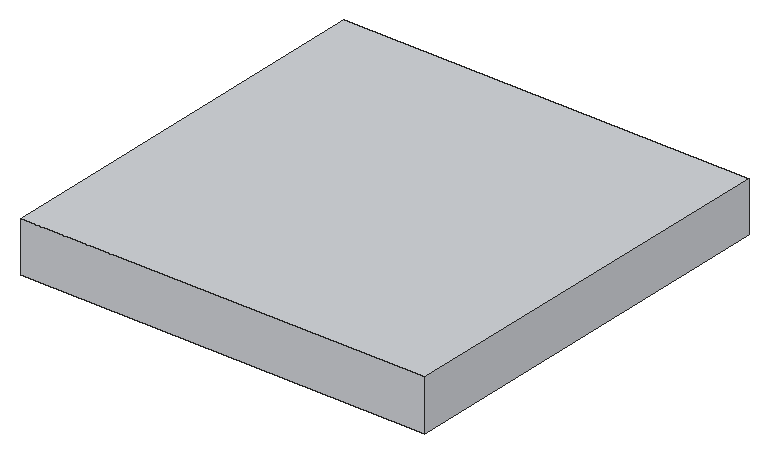
Revit family "Sanitary_Showers_DELABIE_254BOX", category Appareils sanitaires, Revit 2018
Family settings
  Hôte = Face
  Cote de connecteur circulaire = Utiliser le diamètre
  Type d'élément = Normal
  Couper avec des vides une fois chargée = Non
  Partagée = Non
  Point de calcul de pièce = Non
Parameters
  Default Elevation = 1219.2 mm
Reference planes
  plane 1 "Centre (avant/arrière)": y = 0
  plane 2: z = 0
  plane 3 "Centre (gauche/droite)": x = 0
Forms (mm)
  Extrusion 1, solid
    sketch origin (0, 0, 0) x (1, 0, 0) y (0, 1, 0)
      loop
        line (-1219.2, 1219.2) -> (-1219.2, -1219.2) -> (1219.2, -1219.2) -> (1219.2, 1219.2) -> (-1219.2, 1219.2)
    from 0 to -304.8
Dimensions and locks
  aligned and locked: plane 2 to Extrusion 1
  aligned and locked: level to Extrusion 1
Nested families
  nested 1: "Sanitary_Showers_DELABIE_254BOX" at (0, 0, 0), type "Default"
Connectors
  piping at (37, 163.5, 24.1), diameter 19
    settings: on nested 1, index 1, connector inside diameter 609.6 mm, connector length 0 mm, flow factor 0, pipe flow 0.0 L/s, pressure drop 0.0 Pa, fitting loss kfactor 0, connector angle 0.00°, fixture units 0, engagement length 0 mm, angle of deflection 0.00°, flow configuration 0, flow direction 1, fitting loss method 0, system type 20, joint type 0, gender type 0, connector reference index -1, connector utility 0, adjustable connector no, is connector primary yes, connector description ""
  piping at (-37, 163.5, 24.1), diameter 19
    settings: on nested 1, index 2, connector inside diameter 609.6 mm, connector length 0 mm, flow factor 0, pipe flow 0.0 L/s, pressure drop 0.0 Pa, fitting loss kfactor 0, connector angle 0.00°, fixture units 0, engagement length 0 mm, angle of deflection 0.00°, flow configuration 0, flow direction 1, fitting loss method 0, system type 19, joint type 0, gender type 0, connector reference index -1, connector utility 0, adjustable connector no, is connector primary no, connector description ""
  piping at (0, 163.5, 24.1), diameter 19
    settings: on nested 1, index 3, connector inside diameter 609.6 mm, connector length 0 mm, flow factor 0, pipe flow 0.0 L/s, pressure drop 0.0 Pa, fitting loss kfactor 0, connector angle 0.00°, fixture units 0, engagement length 0 mm, angle of deflection 0.00°, flow configuration 0, flow direction 2, fitting loss method 0, system type 8, joint type 0, gender type 0, connector reference index -1, connector utility 0, adjustable connector no, is connector primary no, connector description ""
Definition of nested family "Sanitary_Showers_DELABIE_254BOX"
  Parameters (values of type "Default")
    Youtube clip = "https://www.delabie.com/our-services/our-expertise/our-videos/securitherm"
    Uniformat II Description = ""
    Uniformat II Code = ""
    Uniclass 2015 Name = "Sanitary fittings and accessories"
    Uniclass 2015 Code = "Pr_40_20"
    Uniclass 2.0 Description = "Shower Mixers"
    Uniclass 2.0 Code = "PR-35-06-82"
    Uniclass 1.4 Description = "Showers"
    Uniclass 1.4 Code = "L7214"
    UNSPSC Code = "301815"
    Technical description = "https://www.delabie.com/products/254box"
    Region South America = "AR, BO, BR, CL, CO, EC, FK, GF, GY, PE, PY, SR, UY, VE"
    Region Oceania = "AU, FJ, NC, NZ, PG, SB, TL, VU"
    Region North America = "BS, BZ, CA, CR, CU, DO, GL, GT, HN, HT, JM, MX, NI, PA, PR, SV, TT, US"
    Region Middle East = "AE, AF, EG, IL, IQ, IR, JO, KW, LB, OM, PS, QA, SA, SY, TR, YE"
    Region Europe = "AL, AT, BA, BE, BG, BY, CH, CY, CZ, DE, DK, EE, ES, FI, FR, GB, GR, HR, HU, IE, IS, IT, LT, LU, LV, MD, ME, MK, NL, NO, PL, PT, RO, RS, RU, SE, SI, SJ, SK, UA"
    Region Asia = "AM, AZ, BD, BN, BT, CN, GE, ID, IN, JP, KG, KH, KP, KR, KZ, LA, LK, MM, MN, MY, NP, PH, PK, TH, TJ, TM, TW, UZ, VN"
    Region Antarctica = "TF"
    Region Africa = "AO, BF, BI, BJ, BW, CD, CF, CG, CI, CM, DJ, DZ, EH, ER, ET, GA, GH, GM, GN, GQ, GW, KE, LR, LS, LY, MA, MG, ML, MR, MW, MZ, NA, NE, NG, RW, SD, SL, SN, SO, SS, SZ, TD, TG, TN, TZ, UG, ZA, ZM, ZW"
    QR code = "http://bimobject.com/delabie/product/254BOX"
    Product url = "https://www.delabie.com/products/254box"
    Product name = "254BOX"
    Product group = "Shower mixer"
    Product family = "Sanitary"
    Product data url = "https://bimobject.com/delabie/product/254BOX"
    Product certification = "https://www.delabie.com/products/254box"
    Product SKU = "254BOX"
    Product Guid = "21665183-9d15-4912-85f2-1b778c2ceb7f"
    OmniClass Description = "Faucets"
    OmniClass Code = "23-31 11 00"
    NBS Reference Description = "Shower Mixers"
    NBS Reference Code = "35-06-82"
    Material secondary = ""
    Material main = ""
    Masterformat 2014 Description = "Mixers"
    Masterformat 2014 Code = "41 14 33"
    Manufacturer name = "DELABIE"
    Manufacturer country = "France"
    Installation instructions = "https://www.delabie.com/products/254box"
    IFC Classification = "Sanitary Terminal"
    GTIN code = "https://3456330188906"
    Edition number = 1
    Design country = "France"
    Date of publishing = "6/4/2021"
    COBIe Type Category = ""
    Brand url = "http://www.delabie.com"
    BOS_1_Visibility = yes
    BOS_1_Material = none
    BOS_0_Visibility = yes
    BOS_0_Material = none
    BIMobject main category code = "sanitary"
    BIMobject main category = "Sanitary"
    BIMobject category code = "showers"
    BIMobject category = "Showers"
  Reference planes
    plane 1 "Center (Front/Back)": y = 0
    plane 2: z = 0
    plane 3 "Center (Left/Right)": x = 0
  Dimensions and locks
    aligned and locked: plane 2 to level
  Imported bodies without a history: 1
